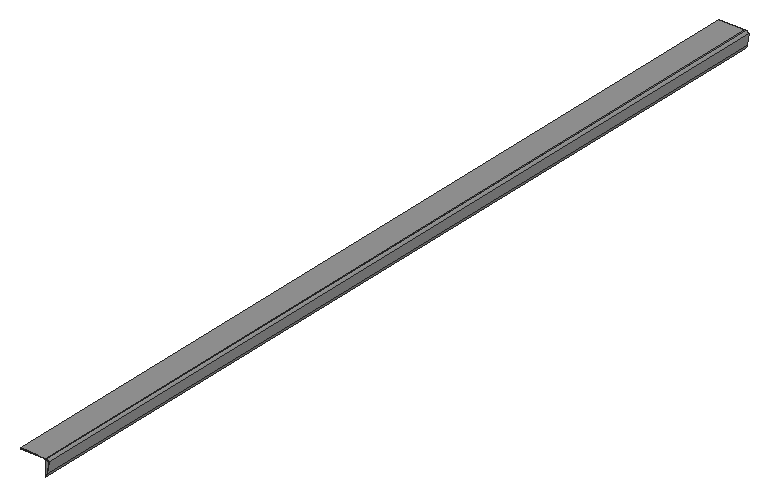
Revit family "STAIR_2400MM", category Lighting Fixtures, Revit 2021
Family settings
  Round Connector Dimension = Use Diameter
  Part Type = Normal
  OmniClass Number = 23.80.70.00
  OmniClass Title = Lighting
  Work Plane-Based = No
  Always vertical = Yes
  Cut with Voids When Loaded = No
  Light Source = Yes
  Shared = No
  Room Calculation Point = No
Parameters
  Wattage = 9.2903 W
  built-in parameter 1150110 = 1 (stored number, unit not read)
  Type de lampe = "Ruban LED"
  Type = "Profilé saillie + capots diffusants"
  built-in parameter 1114217 = 1 (stored number, unit not read)
  built-in parameter 1150109 = 1 (stored number, unit not read)
  built-in parameter 1150134 = (empty or 0)
  built-in parameter 1150113 = 1 (stored number, unit not read)
  Matériau = "Aluminium anodisé/Polycarbonate"
  Lumens = 1380 lm
  built-in parameter 1150115 = 1 (stored number, unit not read)
  built-in parameter 1150105 = 109.82 (stored number, unit not read)
  Light Source Symbol Size = 609.6 mm
  built-in parameter 1150137 = (empty or 0)
  built-in parameter 1150139 = (empty or 0)
  built-in parameter 1150112 = 1 (stored number, unit not read)
  built-in parameter 1150114 = 1 (stored number, unit not read)
  built-in parameter 1150132 = 2
  built-in parameter 1150102 = (empty or 0)
  built-in parameter 1150138 = (empty or 0)
  built-in parameter 1150107 = 3000 (stored number, unit not read)
  built-in parameter 1150106 = 1.0982 (stored number, unit not read)
  Fintion = "Noir laqué"
  Emit from Line Length = 609.6 mm
  built-in parameter 1150104 = 13.8 (stored number, unit not read)
  Driver = "Driver externe"
  Dimming Lamp Color Temperature Shift = <None>
  Dimensions = "80x42,5 mm, L : 2400 mm"
  Diffuseur = "Polycarbonate satiné mat"
  Default Elevation = 0 mm
  Color Filter = 16777215
  built-in parameter 1114218 = 1 (stored number, unit not read)
  built-in parameter 1150133 = 10 (stored number, unit not read)
Reference planes
  plane 1 "Light Source Axis (F/B)": y = 0
  plane 2: z = 0
  plane 3 "Light Source Axis (L/R)": x = 0
  plane 4 "Light Source Elevation": z = 279.134
Forms (mm)
  Extrusion 1, solid, material "Aluminum, Anodized Grey"
    sketch origin (0, 0, 0) x (1, 0, 0) y (0, 0, 1)
      loop
        line (-80, 300) -> (-8.764, 300) -> (-8.764, 302.05) -> (-80, 302.05) -> (-80, 300)
    from -1200 to 1200
  Extrusion 2, solid, material "Aluminum, Anodized Grey"
    sketch origin (0, 0, 0) x (1, 0, 0) y (0, 0, 1)
      loop
        line (-8.764, 300) -> (-10.985, 300) -> (-10.985, 257.5) -> (-8.764, 257.5) -> (-8.764, 300)
    from -1200 to 1200
  Extrusion 3, solid, material "Aluminum, Anodized Grey"
    sketch origin (-32.334, 0, 2.364) x (0.994522, 0, -0.104528) y (0.104528, 0, 0.994522)
      loop
        line (0, 295) -> (0, 265) -> (1.473, 265) -> (1.473, 295) -> (0, 295)
    from -1200 to 1200
  Extrusion 4, solid, material "Glass, White, High Luminance"
    sketch origin (0, 0, 0) x (1, 0, 0) y (0, 0, 1)
      loop
        line (-8.764, 302.05) -> (-8.764, 300)
        arc (-8.764, 300) -> (-4.536, 298.89) -> (-1.498, 295.748) r 8.113
        line (-1.498, 295.748) -> (-0.033, 295.594)
        arc (-0.033, 295.594) -> (-3.455, 300.098) -> (-8.764, 302.05) r 10.083
    from -1200 to 1200
  Extrusion 5, solid, material "Glass, White, High Luminance"
    sketch origin (0, 0, 0) x (1, 0, 0) y (0, 0, 1)
      loop
        arc (-8.764, 257.5) -> (-5.498, 261.312) -> (-3.169, 265.758) r 22.269
        line (-3.169, 265.758) -> (-4.634, 265.912)
        arc (-4.634, 265.912) -> (-6.552, 262.963) -> (-8.764, 260.228) r 34.018
        line (-8.764, 260.228) -> (-8.764, 257.5)
    from -1200 to 1200
Lines and regions (mm)
  reference lines
    curve 1: line (0, 0, 300) -> (-80, 0, 300)
    curve 2: line (0, 0, 300) -> (0, 0, 257.5)
    curve 3: line (0, 0, 282.422) -> (0, 1200, 282.422)
    curve 4: line (0, 0, 282.422) -> (0, -1200, 282.422)
Dimensions and locks
  aligned and locked: plane 4 "Light Source Elevation" to imposter light
  aligned and locked: level to plane 2
